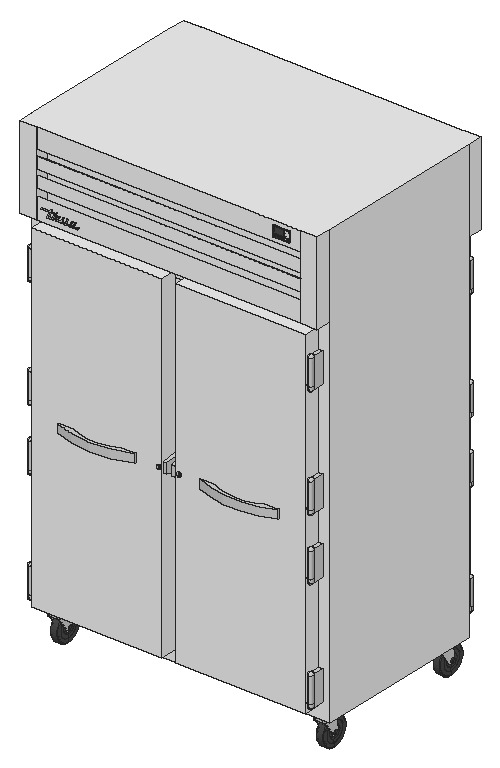
Revit family
Parameters
  Weight in Pounds = 0
  Watts = 3000 W
  Volts = 208 V
  URL Cutsheet = "www.truemfg.com"
  URL = "www.truemfg.com"
  Type Mark [instance] = ""
  Type Comments = ""
  Status [instance] = ""
  Specification by User [instance] = ""
  Specification by Manufacturer = ""
  Show Seismic Flanged [instance] = no
  Show Logo [instance] = yes
  Show Legs [instance] = no
  Show Clearance [instance] = yes
  Serial Number = ""
  Seismic Rating = ""
  Seismic Plate [instance] = and(Show Seismic Flanged, not(Show Casters))  # no
  SMACNA No = ""
  Revision Code [instance] = ""
  Phase = 1
  Omniclass Number and Title = ""
  Number of Poles [instance] = 1
  NAFEM Spec ID Number = ""
  Model = "STA2HPT-2S-2S"
  Min Ckt Ampacity = 0 A
  Max Overcurrent Protection = 0 A
  Masterspec = ""
  Manufacturer = "TRUE FOOD SERVICE EQUIPMENT, INC."
  Length = 52 5/8"
  Legs [instance] = or(Show Legs, Show Seismic Flanged)  # no
  Item Number [instance] = ""
  Installed By [instance] = ""
  Identify Quantity as Lot [instance] = yes
  Height = 77 3/4"
  HP = ""
  Furnished By [instance] = ""
  Foodservice Equipment Identifier [instance] = yes
  FL Amps = Watts / Volts  # 14.4231 A
  Electrical Remarks [instance] = ""
  Electric Connection Type [instance] = ""
  Elec Conn RI Height [instance] = 0"
  Elec Conn Connection Height [instance] = 0"
  Description = "Pass-thru Solid Front/Solid Rear Swing Doors Heated Cabinet"
  Depth = 36 1/8"
  Cycle = 60 Hz
  Conn Plug = "6-15P"
  Conn Conduit = yes
  Show Casters [instance] = and(not(if(Show Legs, Show Legs, Show Legs)), not(if(Show Legs, Show Legs, Show Seismic Flanged)))  # yes
  CSI MasterFormat = ""
  CSI Master Format = ""
  Assembly Code = ""
  Apparent Power = if(Phase = 3, Volts * FL Amps * 1.73, Volts * FL Amps)  # 3000 VA
Reference planes (in)
  plane 1 "BACK": y = 0
  plane 2: z = 0
  plane 3 "LEFT": x = 0
  plane 4 "RIGHT": x = 52.625
  plane 5 "FRONT": y = -36.125
  plane 6 "TOP": z = 84.125
  plane 7: z = 6.125
  plane 8: x = 26.3125
  plane 9: x = 3
  plane 10: x = 49.9375
  plane 11: y = -36.0792
  plane 12: x = 26.3125
  plane 13: y = -0.0458
  plane 14: y = -18.0625
Forms (in)
  Extrusion 1, solid, material "QF_Finishes_Chrome - Satin"
    sketch origin (0.05, 0, 0) x (1, 0, 0) y (0, 1, 0)
      loop
        line (-0.05, -2.75) -> (-0.05, -33.375) -> (2.35625, -33.375) -> (2.35625, -2.75) -> (-0.05, -2.75)
    from 6.125 to 84.125
  Extrusion 2, solid, material "QF_Finishes_Chrome - Satin"
    sketch origin (50.15, 0, 0) x (1, 0, 0) y (0, 1, 0)
      loop
        line (0.225, -2.75) -> (0.225, -33.375) -> (2.475, -33.375) -> (2.475, -2.75) -> (0.225, -2.75)
    from 6.125 to 84.125
  Extrusion 3, solid, material "QF_Finishes_Chrome - Satin"
    sketch origin (0, 0, 0) x (0, 1, 0) y (0, 0, 1)
      loop
        line (-36.0792, 69.5) -> (-33.375, 69.5) -> (-33.375, 66.96875) -> (-2.75, 66.96875) -> (-2.75, 69.5) -> (-0.0458, 69.5) -> (-0.0458, 73.19226) -> (-2.25, 71.625) -> (-2.25, 72.90057) -> (-0.0458, 74.46784) -> (-0.0458, 76.56404) -> (-2.25, 74.99678) -> (-2.25, 75.95754) -> (-0.0458, 77.5248) -> (-0.0458, 79.65851) -> (-2.25, 78.09125) -> (-2.25, 79.21352) -> (-0.0458, 80.78078) -> (-0.0458, 84.125) -> (-36.0792, 84.125) -> (-36.0792, 80.78078) -> (-33.875, 79.21352) -> (-33.875, 78.09125) -> (-36.0792, 79.65851) -> (-36.0792, 77.5248) -> (-33.875, 75.95754) -> (-33.875, 74.99678) -> (-36.0792, 76.56404) -> (-36.0792, 74.46784) -> (-33.875, 72.90057) -> (-33.875, 71.625) -> (-36.0792, 73.19226) -> (-36.0792, 69.5)
      loop
        line (-33.375, 6.125) -> (-2.75, 6.125) -> (-2.75, 9.03125) -> (-33.375, 9.03125) -> (-33.375, 6.125)
    from 2.25 to 50.375
  Extrusion 4, solid, material "QF_Finishes_Chrome - Satin"
    sketch origin (0, 0, 0) x (1, 0, 0) y (0, 1, 0)
      loop
        line (52.54687, -33.375) -> (49.66032, -33.375) -> (49.66032, -36.125) -> (52.54687, -36.125) -> (52.54687, -33.375)
      loop
        line (52.54687, -2.75) -> (52.54687, 0) -> (49.66032, 0) -> (49.66032, -2.75) -> (52.54687, -2.75)
    from 69.5 to 84.125
  Extrusion 5, solid, material "QF_Finishes_Chrome - Satin"
    sketch origin (-50.125, 0, 0.25) x (1, 0, 0) y (0, 1, 0)
      loop
        line (53.20984, -33.375) -> (50.20312, -33.375) -> (50.20312, -36.125) -> (53.20984, -36.125) -> (53.20984, -33.375)
      loop
        line (53.20984, -2.75) -> (53.20984, 0) -> (50.20312, 0) -> (50.20312, -2.75) -> (53.20984, -2.75)
    from 69.25 to 83.875
  Extrusion 6, solid, material "QF_Finishes_Handrails and Railings"
    sketch origin (1.875, -2.375, -2) x (1, 0, 0) y (0, 0, 1)
      loop
        circle (22.76563, 40.0625) r 0.35
      loop
        line (22.73047, 40.33635) -> (22.73047, 39.76895) -> (22.78597, 39.76895) -> (22.78597, 40.33635) -> (22.73047, 40.33635)
      loop
        circle (26.3125, 40.0625) r 0.35
      loop
        line (26.34765, 40.33635) -> (26.29215, 40.33635) -> (26.29215, 39.76895) -> (26.34765, 39.76895) -> (26.34765, 40.33635)
    from 33.5 to 33.83066
  Extrusion 7, solid, material "QF_Finishes_Handrails and Railings", visible <- "Show Logo"
    sketch origin (0.33478, -1.29327, -6.73143) x (1, 0, 0) y (0, 0, 1)
      loop
        line (3.61669, 78.46231) -> (3.51103, 78.23573) -> (4.91652, 78.23573)
        arc (4.91652, 78.23573) -> (4.94504, 78.18528) -> (4.91652, 78.13484) r 0.05887
        line (4.91652, 78.13484) -> (4.54994, 77.34872)
        arc (4.54994, 77.34872) -> (4.54676, 77.27591) -> (4.596, 77.22217) r 0.09523
        line (4.596, 77.22217) -> (5.49469, 77.22217)
        arc (5.49469, 77.22217) -> (5.60817, 77.25795) -> (5.68061, 77.35235) r 0.19785
        line (5.68061, 77.35235) -> (5.9691, 77.97101) -> (6.23415, 77.97101)
        arc (6.23415, 77.97101) -> (6.30369, 77.94543) -> (6.29362, 77.87203) r 0.05911
        line (6.29362, 77.87203) -> (6.05223, 77.35437)
        arc (6.05223, 77.35437) -> (6.05599, 77.2684) -> (6.12856, 77.22217) r 0.09318
        line (6.12856, 77.22217) -> (6.91823, 77.22217)
        arc (6.91823, 77.22217) -> (6.97874, 77.24419) -> (7.01093, 77.29995) r 0.09412
        arc (7.01093, 77.29995) -> (7.03371, 77.24495) -> (7.08871, 77.22217) r 0.07778
        line (7.08871, 77.22217) -> (7.58871, 77.22217)
        arc (7.58871, 77.22217) -> (7.64647, 77.23765) -> (7.68876, 77.27993) r 0.11552
        arc (7.68876, 77.27993) -> (7.709, 77.23106) -> (7.75787, 77.21081) r 0.06912
        line (7.75787, 77.21081) -> (8.4685, 77.21081)
        arc (8.4685, 77.21081) -> (8.52659, 77.23488) -> (8.55066, 77.29297) r 0.08216
        arc (8.55066, 77.29297) -> (8.60392, 77.23972) -> (8.67667, 77.22022) r 0.14551
        line (8.67667, 77.22022) -> (10.00783, 77.22022) -> (10.15571, 77.47634) -> (8.81303, 77.47634)
        arc (8.81303, 77.47634) -> (8.77597, 77.50204) -> (8.77459, 77.54711) r 0.05009
        line (8.77459, 77.54711) -> (8.79782, 77.59692)
        arc (8.79782, 77.59692) -> (8.83348, 77.64364) -> (8.88952, 77.66135) r 0.09747
        line (8.88952, 77.66135) -> (9.3211, 77.66135)
        arc (9.3211, 77.66135) -> (9.41425, 77.68631) -> (9.48244, 77.7545) r 0.1863
        line (9.48244, 77.7545) -> (9.60744, 77.97101)
        arc (9.60744, 77.97101) -> (9.60744, 78.08657) -> (9.50736, 78.14434) r 0.11556
        line (9.50736, 78.14434) -> (9.05187, 78.14434)
        arc (9.05187, 78.14434) -> (8.93575, 78.12462) -> (8.85474, 78.03912) r 0.18605
        line (8.85474, 78.03912) -> (8.63829, 77.57493)
        arc (8.63829, 77.57493) -> (8.5744, 77.49167) -> (8.47431, 77.46011) r 0.1745
        line (8.47431, 77.46011) -> (8.00184, 77.46011)
        arc (8.00184, 77.46011) -> (7.94528, 77.52184) -> (7.94893, 77.60548) r 0.10939
        line (7.94893, 77.60548) -> (8.2002, 78.14434) -> (8.04028, 78.14434) -> (7.77406, 77.57344)
        arc (7.77406, 77.57344) -> (7.72234, 77.50603) -> (7.6413, 77.48048) r 0.14128
        line (7.6413, 77.48048) -> (7.3155, 77.48048)
        arc (7.3155, 77.48048) -> (7.26044, 77.55223) -> (7.27225, 77.64189) r 0.11816
        line (7.27225, 77.64189) -> (7.50655, 78.14434) -> (7.34139, 78.14434) -> (7.07171, 77.566)
        arc (7.07171, 77.566) -> (7.0091, 77.50339) -> (6.92358, 77.48048) r 0.17104
        line (6.92358, 77.48048) -> (6.4518, 77.48048)
        arc (6.4518, 77.48048) -> (6.36707, 77.51999) -> (6.35892, 77.61313) r 0.0935
        line (6.35892, 77.61313) -> (6.51399, 77.94569) -> (6.7332, 77.94569)
        arc (6.7332, 77.94569) -> (6.7702, 78.05717) -> (6.84892, 78.14434) r 0.2857
        line (6.84892, 78.14434) -> (5.9923, 78.14434)
        arc (5.9923, 78.14434) -> (5.89711, 78.12324) -> (5.83123, 78.05135) r 0.16212
        line (5.83123, 78.05135) -> (5.59904, 77.55341)
        arc (5.59904, 77.55341) -> (5.54565, 77.50002) -> (5.47272, 77.48048) r 0.14586
        line (5.47272, 77.48048) -> (4.96131, 77.48048)
        arc (4.96131, 77.48048) -> (4.92139, 77.53442) -> (4.92899, 77.60109) r 0.09155
        line (4.92899, 77.60109) -> (5.26643, 78.23573) -> (6.1178, 78.23573) -> (6.22346, 78.46231) -> (5.37209, 78.46231) -> (5.47774, 78.68888) -> (5.17487, 78.68888) -> (5.06922, 78.46231) -> (3.61669, 78.46231)
      loop
        arc (8.9943, 77.93863) -> (8.95744, 77.92875) -> (8.93045, 77.90176) r 0.07373
        line (8.93045, 77.90176) -> (8.90854, 77.83436)
        arc (8.90854, 77.83436) -> (8.9187, 77.80983) -> (8.94324, 77.79966) r 0.0347
        line (8.94324, 77.79966) -> (9.31573, 77.79966)
        arc (9.31573, 77.79966) -> (9.34257, 77.80561) -> (9.36437, 77.82234) r 0.0635
        line (9.36437, 77.82234) -> (9.38249, 77.90622)
        arc (9.38249, 77.90622) -> (9.37716, 77.92868) -> (9.35634, 77.93863) r 0.02676
        line (9.35634, 77.93863) -> (8.9943, 77.93863)
    from 34.76797 to 34.83173
  Extrusion 8, solid
    sketch origin (0, 0, 0) x (1, 0, 0) y (0, 0, 1)
      loop
        circle (49.53125, 82) r 0.25
    from 0 to 0.0625
  Blend 9, solid, material "QF_Finishes_Handrails and Railings"
    base sketch origin (-0.14063, -2.375, 0) x (1, 0, 0) y (0, 0, 1)
      loop
        line (25.32813, 38.99169) -> (25.32813, 37.24169) -> (26.07813, 37.24169) -> (26.07813, 38.99169) -> (25.32813, 38.99169)
    top sketch origin (-0.14063, 0, 0) x (1, 0, 0) y (0, 0, 1)
      loop
        line (26.26036, 36.6441) -> (26.26036, 39.42643) -> (25.32813, 39.42643) -> (25.32813, 36.6441) -> (26.26036, 36.6441)
    from 33.57883 to 33.375
  Blend 10, solid, material "QF_Finishes_Handrails and Railings"
    base sketch origin (52.84375, -2.375, 0) x (-1, 0, 0) y (0, 0, -1)
      loop
        line (25.25, -38.99169) -> (26, -38.99169) -> (26, -37.24169) -> (25.25, -37.24169) -> (25.25, -38.99169)
    top sketch origin (52.84375, 0, 0) x (-1, 0, 0) y (0, 0, -1)
      loop
        line (26.18223, -36.6441) -> (25.25, -36.6441) -> (25.25, -39.42643) -> (26.18223, -39.42643) -> (26.18223, -36.6441)
    from 33.57883 to 33.375
  Extrusion 11, solid, material "QF_Finishes_Handrails and Railings"
    sketch origin (1.09375, 0, 0) x (0, 1, 0) y (0, 0, 1)
      loop
        line (-33.375, 64.55229) -> (-34.98544, 64.55229)
        arc (-34.98544, 64.55229) -> (-35.13006, 64.49238) -> (-35.18997, 64.34776) r 0.20453
        line (-35.18997, 64.34776) -> (-35.18997, 59.94848) -> (-35.625, 59.94848) -> (-35.625, 59.23627) -> (-33.375, 59.23627) -> (-33.375, 64.55229)
    from 0.17506 to 1
  Revolve 12, solid, material "QF_Finishes_Handrails and Railings"
    sketch origin (1.59375, 0, 0) x (0, 1, 0) y (0, 0, 1)
      loop
        line (-35.64063, 60.00189) -> (-35.64063, 64.81483)
        arc (-35.64063, 64.81483) -> (-35.91222, 64.72557) -> (-36.04729, 64.4736) r 0.3848
        line (-36.04729, 64.4736) -> (-36.04729, 60.00189) -> (-35.64063, 60.00189)
      loop
        line (-35.64063, 59.94848) -> (-36.04729, 59.94848) -> (-36.04729, 59.37712)
        arc (-36.04729, 59.37712) -> (-35.90764, 59.13383) -> (-35.64063, 59.04781) r 0.38884
        line (-35.64063, 59.04781) -> (-35.64063, 59.94848)
      axis (-35.64063, 59.04781) -> (-35.64063, 64.81483)
    angle from 0 to 360
  Extrusion 13, solid, material "QF_Finishes_Handrails and Railings"
    sketch origin (-0.21875, -2.375, 0) x (1, 0, 0) y (0, 0, 1)
      loop
        line (2.07116, 64.4736) -> (2.07116, 60.00079) -> (2.46875, 60.00079) -> (2.46875, 64.4736) -> (2.07116, 64.4736)
    from 32.81497 to 33.59495
  Extrusion 14, solid, material "QF_Finishes_Handrails and Railings"
    sketch origin (1.09375, 0, -19.5) x (0, 1, 0) y (0, 0, 1)
      loop
        line (-33.375, 64.55229) -> (-34.98544, 64.55229)
        arc (-34.98544, 64.55229) -> (-35.13006, 64.49238) -> (-35.18997, 64.34776) r 0.20453
        line (-35.18997, 64.34776) -> (-35.18997, 59.94848) -> (-35.625, 59.94848) -> (-35.625, 59.23627) -> (-33.375, 59.23627) -> (-33.375, 64.55229)
    from 0.17506 to 1
  Revolve 15, solid, material "QF_Finishes_Handrails and Railings"
    sketch origin (1.59375, 0, -19.5) x (0, 1, 0) y (0, 0, 1)
      loop
        line (-35.64063, 60.00189) -> (-35.64063, 64.81483)
        arc (-35.64063, 64.81483) -> (-35.91222, 64.72557) -> (-36.04729, 64.4736) r 0.3848
        line (-36.04729, 64.4736) -> (-36.04729, 60.00189) -> (-35.64063, 60.00189)
      loop
        line (-35.64063, 59.94848) -> (-36.04729, 59.94848) -> (-36.04729, 59.37712)
        arc (-36.04729, 59.37712) -> (-35.90764, 59.13383) -> (-35.64063, 59.04781) r 0.38884
        line (-35.64063, 59.04781) -> (-35.64063, 59.94848)
      axis (-35.64063, 59.04781) -> (-35.64063, 64.81483)
    angle from 0 to 360
  Extrusion 16, solid, material "QF_Finishes_Handrails and Railings"
    sketch origin (-0.21875, -2.375, -19.5) x (1, 0, 0) y (0, 0, 1)
      loop
        line (2.07116, 64.4736) -> (2.07116, 60.00079) -> (2.46875, 60.00079) -> (2.46875, 64.4736) -> (2.07116, 64.4736)
    from 32.81497 to 33.59495
  Extrusion 17, solid, material "QF_Finishes_Handrails and Railings"
    sketch origin (1.09375, 0, -30.5) x (0, 1, 0) y (0, 0, 1)
      loop
        line (-33.375, 64.55229) -> (-34.98544, 64.55229)
        arc (-34.98544, 64.55229) -> (-35.13006, 64.49238) -> (-35.18997, 64.34776) r 0.20453
        line (-35.18997, 64.34776) -> (-35.18997, 59.94848) -> (-35.625, 59.94848) -> (-35.625, 59.23627) -> (-33.375, 59.23627) -> (-33.375, 64.55229)
    from 0.17506 to 1
  Revolve 18, solid, material "QF_Finishes_Handrails and Railings"
    sketch origin (1.59375, 0, -30.5) x (0, 1, 0) y (0, 0, 1)
      loop
        line (-35.64063, 60.00189) -> (-35.64063, 64.81483)
        arc (-35.64063, 64.81483) -> (-35.91222, 64.72557) -> (-36.04729, 64.4736) r 0.3848
        line (-36.04729, 64.4736) -> (-36.04729, 60.00189) -> (-35.64063, 60.00189)
      loop
        line (-35.64063, 59.94848) -> (-36.04729, 59.94848) -> (-36.04729, 59.37712)
        arc (-36.04729, 59.37712) -> (-35.90764, 59.13383) -> (-35.64063, 59.04781) r 0.38884
        line (-35.64063, 59.04781) -> (-35.64063, 59.94848)
      axis (-35.64063, 59.04781) -> (-35.64063, 64.81483)
    angle from 0 to 360
  Extrusion 19, solid, material "QF_Finishes_Handrails and Railings"
    sketch origin (-0.21875, -2.375, -30.5) x (1, 0, 0) y (0, 0, 1)
      loop
        line (2.07116, 64.4736) -> (2.07116, 60.00079) -> (2.46875, 60.00079) -> (2.46875, 64.4736) -> (2.07116, 64.4736)
    from 32.81497 to 33.59495
  Extrusion 20, solid, material "QF_Finishes_Handrails and Railings"
    sketch origin (1.09375, 0, -50.25) x (0, 1, 0) y (0, 0, 1)
      loop
        line (-33.375, 64.55229) -> (-34.98544, 64.55229)
        arc (-34.98544, 64.55229) -> (-35.13006, 64.49238) -> (-35.18997, 64.34776) r 0.20453
        line (-35.18997, 64.34776) -> (-35.18997, 59.94848) -> (-35.625, 59.94848) -> (-35.625, 59.23627) -> (-33.375, 59.23627) -> (-33.375, 64.55229)
    from 0.17506 to 1
  Revolve 21, solid, material "QF_Finishes_Handrails and Railings"
    sketch origin (1.59375, 0, -50.25) x (0, 1, 0) y (0, 0, 1)
      loop
        line (-35.64063, 60.00189) -> (-35.64063, 64.81483)
        arc (-35.64063, 64.81483) -> (-35.91222, 64.72557) -> (-36.04729, 64.4736) r 0.3848
        line (-36.04729, 64.4736) -> (-36.04729, 60.00189) -> (-35.64063, 60.00189)
      loop
        line (-35.64063, 59.94848) -> (-36.04729, 59.94848) -> (-36.04729, 59.37712)
        arc (-36.04729, 59.37712) -> (-35.90764, 59.13383) -> (-35.64063, 59.04781) r 0.38884
        line (-35.64063, 59.04781) -> (-35.64063, 59.94848)
      axis (-35.64063, 59.04781) -> (-35.64063, 64.81483)
    angle from 0 to 360
  Extrusion 22, solid, material "QF_Finishes_Handrails and Railings"
    sketch origin (-0.21875, -2.375, -50.25) x (1, 0, 0) y (0, 0, 1)
      loop
        line (2.07116, 64.4736) -> (2.07116, 60.00079) -> (2.46875, 60.00079) -> (2.46875, 64.4736) -> (2.07116, 64.4736)
    from 32.81497 to 33.59495
  Extrusion 23, solid, material "QF_Finishes_Handrails and Railings"
    sketch origin (51.53125, 0, 0) x (0, 1, 0) y (0, 0, -1)
      loop
        line (-33.375, -64.55229) -> (-33.375, -59.23627) -> (-35.625, -59.23627) -> (-35.625, -59.94848) -> (-35.18997, -59.94848) -> (-35.18997, -64.34776)
        arc (-35.18997, -64.34776) -> (-35.13006, -64.49238) -> (-34.98544, -64.55229) r 0.20453
        line (-34.98544, -64.55229) -> (-33.375, -64.55229)
    from 0.17506 to 1
  Revolve 24, solid, material "QF_Finishes_Handrails and Railings"
    sketch origin (51.03125, 0, 0) x (0, 1, 0) y (0, 0, -1)
      loop
        line (-35.64063, -60.00189) -> (-36.04729, -60.00189) -> (-36.04729, -64.4736)
        arc (-36.04729, -64.4736) -> (-35.91222, -64.72557) -> (-35.64063, -64.81483) r 0.3848
        line (-35.64063, -64.81483) -> (-35.64063, -60.00189)
      loop
        line (-35.64063, -59.94848) -> (-35.64063, -59.04781)
        arc (-35.64063, -59.04781) -> (-35.90764, -59.13383) -> (-36.04729, -59.37712) r 0.38884
        line (-36.04729, -59.37712) -> (-36.04729, -59.94848) -> (-35.64063, -59.94848)
      axis (-35.64063, -59.04781) -> (-35.64063, -64.81483)
    angle from 0 to 360
  Extrusion 25, solid, material "QF_Finishes_Handrails and Railings"
    sketch origin (52.84375, -2.375, 0) x (-1, 0, 0) y (0, 0, -1)
      loop
        line (1.75866, -64.4736) -> (2.15625, -64.4736) -> (2.15625, -60.00079) -> (1.75866, -60.00079) -> (1.75866, -64.4736)
    from 32.81497 to 33.59495
  Extrusion 26, solid, material "QF_Finishes_Handrails and Railings"
    sketch origin (51.53125, 0, -19.5) x (0, 1, 0) y (0, 0, -1)
      loop
        line (-33.375, -64.55229) -> (-33.375, -59.23627) -> (-35.625, -59.23627) -> (-35.625, -59.94848) -> (-35.18997, -59.94848) -> (-35.18997, -64.34776)
        arc (-35.18997, -64.34776) -> (-35.13006, -64.49238) -> (-34.98544, -64.55229) r 0.20453
        line (-34.98544, -64.55229) -> (-33.375, -64.55229)
    from 0.17506 to 1
  Revolve 27, solid, material "QF_Finishes_Handrails and Railings"
    sketch origin (51.03125, 0, -19.5) x (0, 1, 0) y (0, 0, -1)
      loop
        line (-35.64063, -60.00189) -> (-36.04729, -60.00189) -> (-36.04729, -64.4736)
        arc (-36.04729, -64.4736) -> (-35.91222, -64.72557) -> (-35.64063, -64.81483) r 0.3848
        line (-35.64063, -64.81483) -> (-35.64063, -60.00189)
      loop
        line (-35.64063, -59.94848) -> (-35.64063, -59.04781)
        arc (-35.64063, -59.04781) -> (-35.90764, -59.13383) -> (-36.04729, -59.37712) r 0.38884
        line (-36.04729, -59.37712) -> (-36.04729, -59.94848) -> (-35.64063, -59.94848)
      axis (-35.64063, -59.04781) -> (-35.64063, -64.81483)
    angle from 0 to 360
  Extrusion 28, solid, material "QF_Finishes_Handrails and Railings"
    sketch origin (52.84375, -2.375, -19.5) x (-1, 0, 0) y (0, 0, -1)
      loop
        line (1.75866, -64.4736) -> (2.15625, -64.4736) -> (2.15625, -60.00079) -> (1.75866, -60.00079) -> (1.75866, -64.4736)
    from 32.81497 to 33.59495
  Extrusion 29, solid, material "QF_Finishes_Handrails and Railings"
    sketch origin (51.53125, 0, -30.5) x (0, 1, 0) y (0, 0, -1)
      loop
        line (-33.375, -64.55229) -> (-33.375, -59.23627) -> (-35.625, -59.23627) -> (-35.625, -59.94848) -> (-35.18997, -59.94848) -> (-35.18997, -64.34776)
        arc (-35.18997, -64.34776) -> (-35.13006, -64.49238) -> (-34.98544, -64.55229) r 0.20453
        line (-34.98544, -64.55229) -> (-33.375, -64.55229)
    from 0.17506 to 1
  Revolve 30, solid, material "QF_Finishes_Handrails and Railings"
    sketch origin (51.03125, 0, -30.5) x (0, 1, 0) y (0, 0, -1)
      loop
        line (-35.64063, -60.00189) -> (-36.04729, -60.00189) -> (-36.04729, -64.4736)
        arc (-36.04729, -64.4736) -> (-35.91222, -64.72557) -> (-35.64063, -64.81483) r 0.3848
        line (-35.64063, -64.81483) -> (-35.64063, -60.00189)
      loop
        line (-35.64063, -59.94848) -> (-35.64063, -59.04781)
        arc (-35.64063, -59.04781) -> (-35.90764, -59.13383) -> (-36.04729, -59.37712) r 0.38884
        line (-36.04729, -59.37712) -> (-36.04729, -59.94848) -> (-35.64063, -59.94848)
      axis (-35.64063, -59.04781) -> (-35.64063, -64.81483)
    angle from 0 to 360
  Extrusion 31, solid, material "QF_Finishes_Handrails and Railings"
    sketch origin (52.84375, -2.375, -30.5) x (-1, 0, 0) y (0, 0, -1)
      loop
        line (1.75866, -64.4736) -> (2.15625, -64.4736) -> (2.15625, -60.00079) -> (1.75866, -60.00079) -> (1.75866, -64.4736)
    from 32.81497 to 33.59495
  Extrusion 32, solid, material "QF_Finishes_Handrails and Railings"
    sketch origin (51.53125, 0, -50.25) x (0, 1, 0) y (0, 0, -1)
      loop
        line (-33.375, -64.55229) -> (-33.375, -59.23627) -> (-35.625, -59.23627) -> (-35.625, -59.94848) -> (-35.18997, -59.94848) -> (-35.18997, -64.34776)
        arc (-35.18997, -64.34776) -> (-35.13006, -64.49238) -> (-34.98544, -64.55229) r 0.20453
        line (-34.98544, -64.55229) -> (-33.375, -64.55229)
    from 0.17506 to 1
  Revolve 33, solid, material "QF_Finishes_Handrails and Railings"
    sketch origin (51.03125, 0, -50.25) x (0, 1, 0) y (0, 0, -1)
      loop
        line (-35.64063, -60.00189) -> (-36.04729, -60.00189) -> (-36.04729, -64.4736)
        arc (-36.04729, -64.4736) -> (-35.91222, -64.72557) -> (-35.64063, -64.81483) r 0.3848
        line (-35.64063, -64.81483) -> (-35.64063, -60.00189)
      loop
        line (-35.64063, -59.94848) -> (-35.64063, -59.04781)
        arc (-35.64063, -59.04781) -> (-35.90764, -59.13383) -> (-36.04729, -59.37712) r 0.38884
        line (-36.04729, -59.37712) -> (-36.04729, -59.94848) -> (-35.64063, -59.94848)
      axis (-35.64063, -59.04781) -> (-35.64063, -64.81483)
    angle from 0 to 360
  Extrusion 34, solid, material "QF_Finishes_Handrails and Railings"
    sketch origin (52.84375, -2.375, -50.25) x (-1, 0, 0) y (0, 0, -1)
      loop
        line (1.75866, -64.4736) -> (2.15625, -64.4736) -> (2.15625, -60.00079) -> (1.75866, -60.00079) -> (1.75866, -64.4736)
    from 32.81497 to 33.59495
  Revolve 35, solid, material "QF_Finishes_Black", visible <- "Show Casters"
    sketch origin (47.78125, -29.75, 0) x (1, 0, 0) y (0, 0, 1)
      loop
        line (1.63125, 5) -> (1.53125, 4.9) -> (1.53125, 4.29941) -> (1.69226, 4.29941) -> (1.69226, 3.54941) -> (1.53125, 3.54941) -> (1.53125, 2.79941) -> (1.13125, 2.79941) -> (1.13125, 2.5) -> (3.18125, 2.5) -> (3.18125, 2.79941) -> (2.78533, 2.79941) -> (2.78533, 3.54941) -> (2.62024, 3.54941) -> (2.62024, 4.29941) -> (2.78533, 4.29941) -> (2.78533, 4.89592) -> (2.68125, 5) -> (1.63125, 5)
      axis (3.18125, 2.5) -> (1.13125, 2.5)
    angle from 0 to 360
  Extrusion 36, solid, material "QF_Finishes_Handrails and Railings", visible <- "Show Casters"
    sketch origin (47.78125, 0, 0) x (0, 1, 0) y (0, 0, 1)
      loop
        line (-32.32636, 5.48574) -> (-32.32636, 4.88089) -> (-32.07636, 4.88089) -> (-30.32716, 2.18736)
        arc (-30.32716, 2.18736) -> (-29.61383, 1.94868) -> (-29.22081, 2.59003) r 0.60416
        line (-29.22081, 2.59003) -> (-29.57636, 5.48574) -> (-32.32636, 5.48574)
      loop
        line (-6.6077, 5.48574) -> (-6.6077, 4.88089) -> (-6.3577, 4.88089) -> (-4.6085, 2.18736)
        arc (-4.6085, 2.18736) -> (-3.89517, 1.94868) -> (-3.50215, 2.59003) r 0.60416
        line (-3.50215, 2.59003) -> (-3.8577, 5.48574) -> (-6.6077, 5.48574)
    from 1.175 to 1.325
  Extrusion 37, solid, material "QF_Finishes_Handrails and Railings", visible <- "Show Casters"
    sketch origin (49.28125, 0, 0) x (0, 1, 0) y (0, 0, 1)
      loop
        line (-32.32636, 5.48574) -> (-32.32636, 4.88089) -> (-32.07636, 4.88089) -> (-30.32716, 2.18736)
        arc (-30.32716, 2.18736) -> (-29.61383, 1.94868) -> (-29.22081, 2.59003) r 0.60416
        line (-29.22081, 2.59003) -> (-29.57636, 5.48574) -> (-32.32636, 5.48574)
      loop
        line (-6.6077, 5.48574) -> (-6.6077, 4.88089) -> (-6.3577, 4.88089) -> (-4.6085, 2.18736)
        arc (-4.6085, 2.18736) -> (-3.89517, 1.94868) -> (-3.50215, 2.59003) r 0.60416
        line (-3.50215, 2.59003) -> (-3.8577, 5.48574) -> (-6.6077, 5.48574)
    from 1.175 to 1.325
  Revolve 38, solid, material "QF_Finishes_Chrome - Satin", visible <- "Show Casters"
    sketch origin (47.78125, -30.9375, -0.5) x (1, 0, 0) y (0, 0, 1)
      loop
        line (2.15625, 5.99546) -> (2.15625, 6.62359) -> (0.85918, 6.62359) -> (0.85918, 5.99546) -> (2.15625, 5.99546)
      axis (2.15625, 5.99546) -> (2.15625, 6.62359)
    angle from 0 to 360
  Revolve 39, solid, material "QF_Finishes_Chrome - Satin", visible <- "Legs"
    sketch origin (47.78125, -5.44102, 0) x (1, 0, 0) y (0, 0, 1)
      loop
        line (2.15625, 6.125) -> (0.82287, 6.125) -> (1.40625, 1) -> (1.65625, 1) -> (1.65625, 0) -> (2.15625, 0) -> (2.15625, 6.125)
      axis (2.15625, 0) -> (2.15625, 6.125)
    angle from 0 to 360
  Revolve 40, solid, material "QF_Finishes_Chrome - Satin", visible <- "Legs"
    sketch origin (47.78125, -31.03477, 0) x (1, 0, 0) y (0, 0, 1)
      loop
        line (2.15625, 6.125) -> (0.82287, 6.125) -> (1.40625, 1) -> (1.65625, 1) -> (1.65625, 0) -> (2.15625, 0) -> (2.15625, 6.125)
      axis (2.15625, 0) -> (2.15625, 6.125)
    angle from 0 to 360
  Revolve 41, solid, material "QF_Finishes_Chrome - Satin", visible <- "Show Casters"
    sketch origin (47.78125, -5.45321, -0.5) x (1, 0, 0) y (0, 0, 1)
      loop
        line (2.15625, 5.99546) -> (2.15625, 6.62359) -> (0.85918, 6.62359) -> (0.85918, 5.99546) -> (2.15625, 5.99546)
      axis (2.15625, 5.99546) -> (2.15625, 6.62359)
    angle from 0 to 360
  Extrusion 42, solid, material "QF_Finishes_Handrails and Railings", visible <- "Show Casters"
    sketch origin (0, 0, 0) x (0, 1, 0) y (0, 0, 1)
      loop
        line (-32.32636, 5.48574) -> (-32.32636, 4.88089) -> (-32.07636, 4.88089) -> (-29.54033, 5.19227) -> (-29.57636, 5.48574) -> (-32.32636, 5.48574)
      loop
        line (-6.6077, 5.48574) -> (-6.6077, 4.88089) -> (-6.3577, 4.88089) -> (-3.82167, 5.19227) -> (-3.8577, 5.48574) -> (-6.6077, 5.48574)
    from 49.10625 to 50.45625
  Revolve 43, solid, material "QF_Finishes_Black", visible <- "Show Casters"
    sketch origin (47.78125, -3.96875, 0) x (1, 0, 0) y (0, 0, 1)
      loop
        line (1.63125, 5) -> (1.53125, 4.9) -> (1.53125, 4.29941) -> (1.69226, 4.29941) -> (1.69226, 3.54941) -> (1.53125, 3.54941) -> (1.53125, 2.79941) -> (1.13125, 2.79941) -> (1.13125, 2.5) -> (3.18125, 2.5) -> (3.18125, 2.79941) -> (2.78533, 2.79941) -> (2.78533, 3.54941) -> (2.62024, 3.54941) -> (2.62024, 4.29941) -> (2.78533, 4.29941) -> (2.78533, 4.89592) -> (2.68125, 5) -> (1.63125, 5)
      axis (3.18125, 2.5) -> (1.13125, 2.5)
    angle from 0 to 360
  Revolve 44, solid, material "QF_Finishes_Black", visible <- "Show Casters"
    sketch origin (0.84375, -29.75, 0) x (1, 0, 0) y (0, 0, 1)
      loop
        line (1.63125, 5) -> (1.53125, 4.9) -> (1.53125, 4.29941) -> (1.69226, 4.29941) -> (1.69226, 3.54941) -> (1.53125, 3.54941) -> (1.53125, 2.79941) -> (0.975, 2.79941) -> (0.975, 2.5) -> (3.18125, 2.5) -> (3.18125, 2.79941) -> (2.78533, 2.79941) -> (2.78533, 3.54941) -> (2.62024, 3.54941) -> (2.62024, 4.29941) -> (2.78533, 4.29941) -> (2.78533, 4.89592) -> (2.68125, 5) -> (1.63125, 5)
      axis (3.18125, 2.5) -> (0.975, 2.5)
    angle from 0 to 360
  Extrusion 45, solid, material "QF_Finishes_Handrails and Railings", visible <- "Show Casters"
    sketch origin (0.84375, 0, 0) x (0, 1, 0) y (0, 0, 1)
      loop
        line (-32.32636, 5.48574) -> (-32.32636, 4.88089) -> (-32.07636, 4.88089) -> (-30.32716, 2.18736)
        arc (-30.32716, 2.18736) -> (-29.61383, 1.94868) -> (-29.22081, 2.59003) r 0.60416
        line (-29.22081, 2.59003) -> (-29.57636, 5.48574) -> (-32.32636, 5.48574)
      loop
        line (-6.6077, 5.48574) -> (-6.6077, 4.88089) -> (-6.3577, 4.88089) -> (-4.6085, 2.18736)
        arc (-4.6085, 2.18736) -> (-3.89517, 1.94868) -> (-3.50215, 2.59003) r 0.60416
        line (-3.50215, 2.59003) -> (-3.8577, 5.48574) -> (-6.6077, 5.48574)
    from 1.175 to 1.325
  Extrusion 46, solid, material "QF_Finishes_Handrails and Railings", visible <- "Show Casters"
    sketch origin (2.34375, 0, 0) x (0, 1, 0) y (0, 0, 1)
      loop
        line (-32.32636, 5.48574) -> (-32.32636, 4.88089) -> (-32.07636, 4.88089) -> (-30.32716, 2.18736)
        arc (-30.32716, 2.18736) -> (-29.61383, 1.94868) -> (-29.22081, 2.59003) r 0.60416
        line (-29.22081, 2.59003) -> (-29.57636, 5.48574) -> (-32.32636, 5.48574)
      loop
        line (-6.6077, 5.48574) -> (-6.6077, 4.88089) -> (-6.3577, 4.88089) -> (-4.6085, 2.18736)
        arc (-4.6085, 2.18736) -> (-3.89517, 1.94868) -> (-3.50215, 2.59003) r 0.60416
        line (-3.50215, 2.59003) -> (-3.8577, 5.48574) -> (-6.6077, 5.48574)
    from 1.175 to 1.325
  Revolve 47, solid, material "QF_Finishes_Chrome - Satin", visible <- "Show Casters"
    sketch origin (0.84375, -30.9375, -0.5) x (1, 0, 0) y (0, 0, 1)
      loop
        line (2.15625, 5.99546) -> (2.15625, 6.62359) -> (0.85918, 6.62359) -> (0.85918, 5.99546) -> (2.15625, 5.99546)
      axis (2.15625, 5.99546) -> (2.15625, 6.62359)
    angle from 0 to 360
  Revolve 48, solid, material "QF_Finishes_Chrome - Satin", visible <- "Legs"
    sketch origin (0.84375, -5.44102, 0) x (1, 0, 0) y (0, 0, 1)
      loop
        line (2.15625, 6.125) -> (0.82287, 6.125) -> (1.40625, 1) -> (1.65625, 1) -> (1.65625, 0) -> (2.15625, 0) -> (2.15625, 6.125)
      axis (2.15625, 0) -> (2.15625, 6.125)
    angle from 0 to 360
  Revolve 49, solid, material "QF_Finishes_Chrome - Satin", visible <- "Legs"
    sketch origin (0.84375, -31.03477, 0) x (1, 0, 0) y (0, 0, 1)
      loop
        line (2.15625, 6.125) -> (0.82287, 6.125) -> (1.40625, 1) -> (1.65625, 1) -> (1.65625, 0) -> (2.15625, 0) -> (2.15625, 6.125)
      axis (2.15625, 0) -> (2.15625, 6.125)
    angle from 0 to 360
  Revolve 50, solid, material "QF_Finishes_Chrome - Satin", visible <- "Show Casters"
    sketch origin (0.84375, -5.45321, -0.5) x (1, 0, 0) y (0, 0, 1)
      loop
        line (2.15625, 5.99546) -> (2.15625, 6.62359) -> (0.85918, 6.62359) -> (0.85918, 5.99546) -> (2.15625, 5.99546)
      axis (2.15625, 5.99546) -> (2.15625, 6.62359)
    angle from 0 to 360
  Extrusion 51, solid, material "QF_Finishes_Handrails and Railings", visible <- "Show Casters"
    sketch origin (-46.9375, 0, 0) x (0, 1, 0) y (0, 0, 1)
      loop
        line (-32.32636, 5.48574) -> (-32.32636, 4.88089) -> (-32.07636, 4.88089) -> (-29.54033, 5.19227) -> (-29.57636, 5.48574) -> (-32.32636, 5.48574)
      loop
        line (-6.6077, 5.48574) -> (-6.6077, 4.88089) -> (-6.3577, 4.88089) -> (-3.82167, 5.19227) -> (-3.8577, 5.48574) -> (-6.6077, 5.48574)
    from 49.10625 to 50.45625
  Revolve 52, solid, material "QF_Finishes_Black", visible <- "Show Casters"
    sketch origin (0.84375, -3.96875, 0) x (1, 0, 0) y (0, 0, 1)
      loop
        line (1.63125, 5) -> (1.53125, 4.9) -> (1.53125, 4.29941) -> (1.69226, 4.29941) -> (1.69226, 3.54941) -> (1.53125, 3.54941) -> (1.53125, 2.79941) -> (0.975, 2.79941) -> (0.975, 2.5) -> (3.18125, 2.5) -> (3.18125, 2.79941) -> (2.78533, 2.79941) -> (2.78533, 3.54941) -> (2.62024, 3.54941) -> (2.62024, 4.29941) -> (2.78533, 4.29941) -> (2.78533, 4.89592) -> (2.68125, 5) -> (1.63125, 5)
      axis (3.18125, 2.5) -> (0.975, 2.5)
    angle from 0 to 360
  Extrusion 53, solid, material "QF_Finishes_White"
    sketch origin (1.49925, -1.31123, 1.58022) x (1, 0, 0) y (0, 0, 1)
      loop
        line (43.31732, 81.73227) -> (43.31732, 79.98496) -> (46.22357, 79.98496) -> (46.22357, 81.73227) -> (43.31732, 81.73227)
    from 34.75 to 34.76797
  Extrusion 54, solid, material "QF_Finishes_Black"
    sketch origin (1.49925, -1.31123, 1.58022) x (1, 0, 0) y (0, 0, 1)
      loop
        line (46.28607, 81.79477) -> (43.25482, 81.79477) -> (43.25482, 79.92246) -> (46.28607, 79.92246) -> (46.28607, 81.79477)
      loop
        spline (43.45482, 80.25372) -> (43.46333, 80.23754) -> (43.48831, 80.22247) -> (43.52804, 80.20952) -> (43.57982, 80.19959) -> (43.64011, 80.19335) -> (43.70482, 80.19122) -> (43.76952, 80.19335) -> (43.82982, 80.19959) -> (43.88159, 80.20952) -> (43.92132, 80.22247) -> (43.9463, 80.23754) -> (43.95482, 80.25372)
        spline (43.95482, 80.25372) -> (43.9463, 80.26989) -> (43.92132, 80.28497) -> (43.88159, 80.29791) -> (43.82982, 80.30784) -> (43.76952, 80.31409) -> (43.70482, 80.31622) -> (43.64011, 80.31409) -> (43.57982, 80.30784) -> (43.52804, 80.29791) -> (43.48831, 80.28497) -> (43.46333, 80.26989) -> (43.45482, 80.25372)
      loop
        spline (44.15083, 80.25372) -> (44.15935, 80.23754) -> (44.18432, 80.22247) -> (44.22405, 80.20952) -> (44.27583, 80.19959) -> (44.33612, 80.19335) -> (44.40083, 80.19122) -> (44.46553, 80.19335) -> (44.52583, 80.19959) -> (44.57761, 80.20952) -> (44.61734, 80.22247) -> (44.64231, 80.23754) -> (44.65083, 80.25372)
        spline (44.65083, 80.25372) -> (44.64231, 80.26989) -> (44.61734, 80.28497) -> (44.57761, 80.29791) -> (44.52583, 80.30784) -> (44.46553, 80.31409) -> (44.40083, 80.31622) -> (44.33612, 80.31409) -> (44.27583, 80.30784) -> (44.22405, 80.29791) -> (44.18432, 80.28497) -> (44.15935, 80.26989) -> (44.15083, 80.25372)
      loop
        spline (44.90083, 80.25372) -> (44.90935, 80.23754) -> (44.93432, 80.22247) -> (44.97405, 80.20952) -> (45.02583, 80.19959) -> (45.08612, 80.19335) -> (45.15083, 80.19122) -> (45.21553, 80.19335) -> (45.27583, 80.19959) -> (45.32761, 80.20952) -> (45.36734, 80.22247) -> (45.39231, 80.23754) -> (45.40083, 80.25372)
        spline (45.40083, 80.25372) -> (45.39231, 80.26989) -> (45.36734, 80.28497) -> (45.32761, 80.29791) -> (45.27583, 80.30784) -> (45.21553, 80.31409) -> (45.15083, 80.31622) -> (45.08612, 80.31409) -> (45.02583, 80.30784) -> (44.97405, 80.29791) -> (44.93432, 80.28497) -> (44.90935, 80.26989) -> (44.90083, 80.25372)
      loop
        line (43.45481, 81.59478) -> (43.45481, 80.59478) -> (45.15433, 80.59478) -> (45.15433, 81.59478) -> (43.45481, 81.59478)
      loop
        line (46.22357, 81.73227) -> (43.31732, 81.73227) -> (43.31732, 79.98496) -> (46.22357, 79.98496) -> (46.22357, 81.73227)
      loop
        spline (45.65083, 80.25372) -> (45.65935, 80.23754) -> (45.68432, 80.22247) -> (45.72405, 80.20952) -> (45.77583, 80.19959) -> (45.83612, 80.19335) -> (45.90083, 80.19122) -> (45.96553, 80.19335) -> (46.02583, 80.19959) -> (46.07761, 80.20952) -> (46.11734, 80.22247) -> (46.14231, 80.23754) -> (46.15083, 80.25372)
        spline (46.15083, 80.25372) -> (46.14231, 80.26989) -> (46.11734, 80.28497) -> (46.07761, 80.29791) -> (46.02583, 80.30784) -> (45.96553, 80.31409) -> (45.90083, 80.31622) -> (45.83612, 80.31409) -> (45.77583, 80.30784) -> (45.72405, 80.29791) -> (45.68432, 80.28497) -> (45.65935, 80.26989) -> (45.65083, 80.25372)
    from 34.76797 to 34.80335
  Extrusion 55, solid, material "QF_Finishes_Door Clearance", visible <- "Show Clearance", detail levels coarse
    sketch origin (0.66534, -3.6098, 0) x (-1, 0, 0) y (0, -1, 0)
      loop
        line (-49.86591, 32.5152) -> (-26.92841, 32.5152)
        arc (-26.92841, 32.5152) -> (-33.64665, 48.73446) -> (-49.86591, 55.4527) r 22.9375
        line (-49.86591, 55.4527) -> (-49.86591, 32.5152)
      loop
        line (-24.52216, 32.5152) -> (-1.58466, 32.5152) -> (-1.58466, 55.4527)
        arc (-1.58466, 55.4527) -> (-17.80392, 48.73446) -> (-24.52216, 32.5152) r 22.9375
    from 8.0288 to 67.96875
  Extrusion 56, solid, material "QF_Finishes_Chrome - Satin", visible <- "Seismic Plate"
    sketch origin (-0.22541, -26.96562, 0) x (1, 0, 0) y (0, 1, 0)
      loop
        circle (3.22541, -4.06916) r 1.5
    from 0 to 0.25
  Extrusion 57, solid, material "QF_Finishes_Chrome - Satin", visible <- "Seismic Plate"
    sketch origin (-0.22541, -3.74687, 0) x (1, 0, 0) y (0, 1, 0)
      loop
        circle (3.22541, -1.69416) r 1.5
    from 0 to 0.25
  Extrusion 58, solid, material "QF_Finishes_Chrome - Satin", visible <- "Seismic Plate"
    sketch origin (46.71209, -3.74687, 0) x (1, 0, 0) y (0, 1, 0)
      loop
        circle (3.22541, -1.69416) r 1.5
    from 0 to 0.25
  Extrusion 59, solid, material "QF_Finishes_Chrome - Satin", visible <- "Seismic Plate"
    sketch origin (46.71209, -26.96562, 0) x (1, 0, 0) y (0, 1, 0)
      loop
        circle (3.22541, -4.06916) r 1.5
    from 0 to 0.25
  Extrusion 60, solid, material "QF_Finishes_Chrome - Satin"
    sketch origin (0, -33.75, -0.71875) x (1, 0, 0) y (0, 0, -1)
      loop
        line (2.25, -68.6875) -> (25.1875, -68.6875) -> (25.1875, -8.75) -> (2.25, -8.75) -> (2.25, -68.6875)
      loop
        line (50.53125, -68.6875) -> (50.53125, -8.75) -> (27.59375, -8.75) -> (27.59375, -68.6875) -> (50.53125, -68.6875)
    from 31 to 33.75
  Extrusion 61, solid, material "QF_Finishes_Handrails and Railings"
    sketch origin (1.875, -33.75, -2) x (1, 0, 0) y (0, 0, -1)
      loop
        circle (22.76563, -40.0625) r 0.35
      loop
        line (22.73047, -40.33635) -> (22.78597, -40.33635) -> (22.78597, -39.76895) -> (22.73047, -39.76895) -> (22.73047, -40.33635)
      loop
        circle (26.3125, -40.0625) r 0.35
      loop
        line (26.34765, -40.33635) -> (26.34765, -39.76895) -> (26.29215, -39.76895) -> (26.29215, -40.33635) -> (26.34765, -40.33635)
    from 33.5 to 33.83066
  Blend 62, solid, material "QF_Finishes_Handrails and Railings"
    base sketch origin (-0.14063, -33.75, 0) x (1, 0, 0) y (0, 0, -1)
      loop
        line (25.32813, -38.99169) -> (26.07813, -38.99169) -> (26.07813, -37.24169) -> (25.32813, -37.24169) -> (25.32813, -38.99169)
    top sketch origin (-0.14063, -36.125, 0) x (1, 0, 0) y (0, 0, -1)
      loop
        line (26.26036, -36.6441) -> (25.32813, -36.6441) -> (25.32813, -39.42643) -> (26.26036, -39.42643) -> (26.26036, -36.6441)
    from 33.57883 to 33.375
  Blend 63, solid, material "QF_Finishes_Handrails and Railings"
    base sketch origin (52.84375, -33.75, 0) x (-1, 0, 0) y (0, 0, 1)
      loop
        line (25.25, 38.99169) -> (25.25, 37.24169) -> (26, 37.24169) -> (26, 38.99169) -> (25.25, 38.99169)
    top sketch origin (52.84375, -36.125, 0) x (-1, 0, 0) y (0, 0, 1)
      loop
        line (26.18223, 36.6441) -> (26.18223, 39.42643) -> (25.25, 39.42643) -> (25.25, 36.6441) -> (26.18223, 36.6441)
    from 33.57883 to 33.375
  Extrusion 64, solid, material "QF_Finishes_Handrails and Railings"
    sketch origin (1.09375, -36.125, 0) x (0, -1, 0) y (0, 0, -1)
      loop
        line (-33.375, -64.55229) -> (-33.375, -59.23627) -> (-35.625, -59.23627) -> (-35.625, -59.94848) -> (-35.18997, -59.94848) -> (-35.18997, -64.34776)
        arc (-35.18997, -64.34776) -> (-35.13006, -64.49238) -> (-34.98544, -64.55229) r 0.20453
        line (-34.98544, -64.55229) -> (-33.375, -64.55229)
    from 0.17506 to 1
  Revolve 65, solid, material "QF_Finishes_Handrails and Railings"
    sketch origin (1.59375, -36.125, 0) x (0, -1, 0) y (0, 0, -1)
      loop
        line (-35.64063, -60.00189) -> (-36.04729, -60.00189) -> (-36.04729, -64.4736)
        arc (-36.04729, -64.4736) -> (-35.91222, -64.72557) -> (-35.64063, -64.81483) r 0.3848
        line (-35.64063, -64.81483) -> (-35.64063, -60.00189)
      loop
        line (-35.64063, -59.94848) -> (-35.64063, -59.04781)
        arc (-35.64063, -59.04781) -> (-35.90764, -59.13383) -> (-36.04729, -59.37712) r 0.38884
        line (-36.04729, -59.37712) -> (-36.04729, -59.94848) -> (-35.64063, -59.94848)
      axis (-35.64063, -59.04781) -> (-35.64063, -64.81483)
    angle from 0 to 360
  Extrusion 66, solid, material "QF_Finishes_Handrails and Railings"
    sketch origin (-0.21875, -33.75, 0) x (1, 0, 0) y (0, 0, -1)
      loop
        line (2.07116, -64.4736) -> (2.46875, -64.4736) -> (2.46875, -60.00079) -> (2.07116, -60.00079) -> (2.07116, -64.4736)
    from 32.81497 to 33.59495
  Extrusion 67, solid, material "QF_Finishes_Handrails and Railings"
    sketch origin (1.09375, -36.125, -19.5) x (0, -1, 0) y (0, 0, -1)
      loop
        line (-33.375, -64.55229) -> (-33.375, -59.23627) -> (-35.625, -59.23627) -> (-35.625, -59.94848) -> (-35.18997, -59.94848) -> (-35.18997, -64.34776)
        arc (-35.18997, -64.34776) -> (-35.13006, -64.49238) -> (-34.98544, -64.55229) r 0.20453
        line (-34.98544, -64.55229) -> (-33.375, -64.55229)
    from 0.17506 to 1
  Revolve 68, solid, material "QF_Finishes_Handrails and Railings"
    sketch origin (1.59375, -36.125, -19.5) x (0, -1, 0) y (0, 0, -1)
      loop
        line (-35.64063, -60.00189) -> (-36.04729, -60.00189) -> (-36.04729, -64.4736)
        arc (-36.04729, -64.4736) -> (-35.91222, -64.72557) -> (-35.64063, -64.81483) r 0.3848
        line (-35.64063, -64.81483) -> (-35.64063, -60.00189)
      loop
        line (-35.64063, -59.94848) -> (-35.64063, -59.04781)
        arc (-35.64063, -59.04781) -> (-35.90764, -59.13383) -> (-36.04729, -59.37712) r 0.38884
        line (-36.04729, -59.37712) -> (-36.04729, -59.94848) -> (-35.64063, -59.94848)
      axis (-35.64063, -59.04781) -> (-35.64063, -64.81483)
    angle from 0 to 360
  Extrusion 69, solid, material "QF_Finishes_Handrails and Railings"
    sketch origin (-0.21875, -33.75, -19.5) x (1, 0, 0) y (0, 0, -1)
      loop
        line (2.07116, -64.4736) -> (2.46875, -64.4736) -> (2.46875, -60.00079) -> (2.07116, -60.00079) -> (2.07116, -64.4736)
    from 32.81497 to 33.59495
  Extrusion 70, solid, material "QF_Finishes_Handrails and Railings"
    sketch origin (1.09375, -36.125, -30.5) x (0, -1, 0) y (0, 0, -1)
      loop
        line (-33.375, -64.55229) -> (-33.375, -59.23627) -> (-35.625, -59.23627) -> (-35.625, -59.94848) -> (-35.18997, -59.94848) -> (-35.18997, -64.34776)
        arc (-35.18997, -64.34776) -> (-35.13006, -64.49238) -> (-34.98544, -64.55229) r 0.20453
        line (-34.98544, -64.55229) -> (-33.375, -64.55229)
    from 0.17506 to 1
  Revolve 71, solid, material "QF_Finishes_Handrails and Railings"
    sketch origin (1.59375, -36.125, -30.5) x (0, -1, 0) y (0, 0, -1)
      loop
        line (-35.64063, -60.00189) -> (-36.04729, -60.00189) -> (-36.04729, -64.4736)
        arc (-36.04729, -64.4736) -> (-35.91222, -64.72557) -> (-35.64063, -64.81483) r 0.3848
        line (-35.64063, -64.81483) -> (-35.64063, -60.00189)
      loop
        line (-35.64063, -59.94848) -> (-35.64063, -59.04781)
        arc (-35.64063, -59.04781) -> (-35.90764, -59.13383) -> (-36.04729, -59.37712) r 0.38884
        line (-36.04729, -59.37712) -> (-36.04729, -59.94848) -> (-35.64063, -59.94848)
      axis (-35.64063, -59.04781) -> (-35.64063, -64.81483)
    angle from 0 to 360
  Extrusion 72, solid, material "QF_Finishes_Handrails and Railings"
    sketch origin (-0.21875, -33.75, -30.5) x (1, 0, 0) y (0, 0, -1)
      loop
        line (2.07116, -64.4736) -> (2.46875, -64.4736) -> (2.46875, -60.00079) -> (2.07116, -60.00079) -> (2.07116, -64.4736)
    from 32.81497 to 33.59495
  Extrusion 73, solid, material "QF_Finishes_Handrails and Railings"
    sketch origin (1.09375, -36.125, -50.25) x (0, -1, 0) y (0, 0, -1)
      loop
        line (-33.375, -64.55229) -> (-33.375, -59.23627) -> (-35.625, -59.23627) -> (-35.625, -59.94848) -> (-35.18997, -59.94848) -> (-35.18997, -64.34776)
        arc (-35.18997, -64.34776) -> (-35.13006, -64.49238) -> (-34.98544, -64.55229) r 0.20453
        line (-34.98544, -64.55229) -> (-33.375, -64.55229)
    from 0.17506 to 1
  Revolve 74, solid, material "QF_Finishes_Handrails and Railings"
    sketch origin (1.59375, -36.125, -50.25) x (0, -1, 0) y (0, 0, -1)
      loop
        line (-35.64063, -60.00189) -> (-36.04729, -60.00189) -> (-36.04729, -64.4736)
        arc (-36.04729, -64.4736) -> (-35.91222, -64.72557) -> (-35.64063, -64.81483) r 0.3848
        line (-35.64063, -64.81483) -> (-35.64063, -60.00189)
      loop
        line (-35.64063, -59.94848) -> (-35.64063, -59.04781)
        arc (-35.64063, -59.04781) -> (-35.90764, -59.13383) -> (-36.04729, -59.37712) r 0.38884
        line (-36.04729, -59.37712) -> (-36.04729, -59.94848) -> (-35.64063, -59.94848)
      axis (-35.64063, -59.04781) -> (-35.64063, -64.81483)
    angle from 0 to 360
  Extrusion 75, solid, material "QF_Finishes_Handrails and Railings"
    sketch origin (-0.21875, -33.75, -50.25) x (1, 0, 0) y (0, 0, -1)
      loop
        line (2.07116, -64.4736) -> (2.46875, -64.4736) -> (2.46875, -60.00079) -> (2.07116, -60.00079) -> (2.07116, -64.4736)
    from 32.81497 to 33.59495
  Extrusion 76, solid, material "QF_Finishes_Handrails and Railings"
    sketch origin (51.53125, -36.125, 0) x (0, -1, 0) y (0, 0, 1)
      loop
        line (-33.375, 64.55229) -> (-34.98544, 64.55229)
        arc (-34.98544, 64.55229) -> (-35.13006, 64.49238) -> (-35.18997, 64.34776) r 0.20453
        line (-35.18997, 64.34776) -> (-35.18997, 59.94848) -> (-35.625, 59.94848) -> (-35.625, 59.23627) -> (-33.375, 59.23627) -> (-33.375, 64.55229)
    from 0.17506 to 1
  Revolve 77, solid, material "QF_Finishes_Handrails and Railings"
    sketch origin (51.03125, -36.125, 0) x (0, -1, 0) y (0, 0, 1)
      loop
        line (-35.64063, 60.00189) -> (-35.64063, 64.81483)
        arc (-35.64063, 64.81483) -> (-35.91222, 64.72557) -> (-36.04729, 64.4736) r 0.3848
        line (-36.04729, 64.4736) -> (-36.04729, 60.00189) -> (-35.64063, 60.00189)
      loop
        line (-35.64063, 59.94848) -> (-36.04729, 59.94848) -> (-36.04729, 59.37712)
        arc (-36.04729, 59.37712) -> (-35.90764, 59.13383) -> (-35.64063, 59.04781) r 0.38884
        line (-35.64063, 59.04781) -> (-35.64063, 59.94848)
      axis (-35.64063, 59.04781) -> (-35.64063, 64.81483)
    angle from 0 to 360
  Extrusion 78, solid, material "QF_Finishes_Handrails and Railings"
    sketch origin (52.84375, -33.75, 0) x (-1, 0, 0) y (0, 0, 1)
      loop
        line (1.75866, 64.4736) -> (1.75866, 60.00079) -> (2.15625, 60.00079) -> (2.15625, 64.4736) -> (1.75866, 64.4736)
    from 32.81497 to 33.59495
  Extrusion 79, solid, material "QF_Finishes_Handrails and Railings"
    sketch origin (51.53125, -36.125, -19.5) x (0, -1, 0) y (0, 0, 1)
      loop
        line (-33.375, 64.55229) -> (-34.98544, 64.55229)
        arc (-34.98544, 64.55229) -> (-35.13006, 64.49238) -> (-35.18997, 64.34776) r 0.20453
        line (-35.18997, 64.34776) -> (-35.18997, 59.94848) -> (-35.625, 59.94848) -> (-35.625, 59.23627) -> (-33.375, 59.23627) -> (-33.375, 64.55229)
    from 0.17506 to 1
  Revolve 80, solid, material "QF_Finishes_Handrails and Railings"
    sketch origin (51.03125, -36.125, -19.5) x (0, -1, 0) y (0, 0, 1)
      loop
        line (-35.64063, 60.00189) -> (-35.64063, 64.81483)
        arc (-35.64063, 64.81483) -> (-35.91222, 64.72557) -> (-36.04729, 64.4736) r 0.3848
        line (-36.04729, 64.4736) -> (-36.04729, 60.00189) -> (-35.64063, 60.00189)
      loop
        line (-35.64063, 59.94848) -> (-36.04729, 59.94848) -> (-36.04729, 59.37712)
        arc (-36.04729, 59.37712) -> (-35.90764, 59.13383) -> (-35.64063, 59.04781) r 0.38884
        line (-35.64063, 59.04781) -> (-35.64063, 59.94848)
      axis (-35.64063, 59.04781) -> (-35.64063, 64.81483)
    angle from 0 to 360
  Extrusion 81, solid, material "QF_Finishes_Handrails and Railings"
    sketch origin (52.84375, -33.75, -19.5) x (-1, 0, 0) y (0, 0, 1)
      loop
        line (1.75866, 64.4736) -> (1.75866, 60.00079) -> (2.15625, 60.00079) -> (2.15625, 64.4736) -> (1.75866, 64.4736)
    from 32.81497 to 33.59495
  Extrusion 82, solid, material "QF_Finishes_Handrails and Railings"
    sketch origin (51.53125, -36.125, -30.5) x (0, -1, 0) y (0, 0, 1)
      loop
        line (-33.375, 64.55229) -> (-34.98544, 64.55229)
        arc (-34.98544, 64.55229) -> (-35.13006, 64.49238) -> (-35.18997, 64.34776) r 0.20453
        line (-35.18997, 64.34776) -> (-35.18997, 59.94848) -> (-35.625, 59.94848) -> (-35.625, 59.23627) -> (-33.375, 59.23627) -> (-33.375, 64.55229)
    from 0.17506 to 1
  Revolve 83, solid, material "QF_Finishes_Handrails and Railings"
    sketch origin (51.03125, -36.125, -30.5) x (0, -1, 0) y (0, 0, 1)
      loop
        line (-35.64063, 60.00189) -> (-35.64063, 64.81483)
        arc (-35.64063, 64.81483) -> (-35.91222, 64.72557) -> (-36.04729, 64.4736) r 0.3848
        line (-36.04729, 64.4736) -> (-36.04729, 60.00189) -> (-35.64063, 60.00189)
      loop
        line (-35.64063, 59.94848) -> (-36.04729, 59.94848) -> (-36.04729, 59.37712)
        arc (-36.04729, 59.37712) -> (-35.90764, 59.13383) -> (-35.64063, 59.04781) r 0.38884
        line (-35.64063, 59.04781) -> (-35.64063, 59.94848)
      axis (-35.64063, 59.04781) -> (-35.64063, 64.81483)
    angle from 0 to 360
  Extrusion 84, solid, material "QF_Finishes_Handrails and Railings"
    sketch origin (52.84375, -33.75, -30.5) x (-1, 0, 0) y (0, 0, 1)
      loop
        line (1.75866, 64.4736) -> (1.75866, 60.00079) -> (2.15625, 60.00079) -> (2.15625, 64.4736) -> (1.75866, 64.4736)
    from 32.81497 to 33.59495
  Extrusion 85, solid, material "QF_Finishes_Handrails and Railings"
    sketch origin (51.53125, -36.125, -50.25) x (0, -1, 0) y (0, 0, 1)
      loop
        line (-33.375, 64.55229) -> (-34.98544, 64.55229)
        arc (-34.98544, 64.55229) -> (-35.13006, 64.49238) -> (-35.18997, 64.34776) r 0.20453
        line (-35.18997, 64.34776) -> (-35.18997, 59.94848) -> (-35.625, 59.94848) -> (-35.625, 59.23627) -> (-33.375, 59.23627) -> (-33.375, 64.55229)
    from 0.17506 to 1
  Revolve 86, solid, material "QF_Finishes_Handrails and Railings"
    sketch origin (51.03125, -36.125, -50.25) x (0, -1, 0) y (0, 0, 1)
      loop
        line (-35.64063, 60.00189) -> (-35.64063, 64.81483)
        arc (-35.64063, 64.81483) -> (-35.91222, 64.72557) -> (-36.04729, 64.4736) r 0.3848
        line (-36.04729, 64.4736) -> (-36.04729, 60.00189) -> (-35.64063, 60.00189)
      loop
        line (-35.64063, 59.94848) -> (-36.04729, 59.94848) -> (-36.04729, 59.37712)
        arc (-36.04729, 59.37712) -> (-35.90764, 59.13383) -> (-35.64063, 59.04781) r 0.38884
        line (-35.64063, 59.04781) -> (-35.64063, 59.94848)
      axis (-35.64063, 59.04781) -> (-35.64063, 64.81483)
    angle from 0 to 360
  Extrusion 87, solid, material "QF_Finishes_Handrails and Railings"
    sketch origin (52.84375, -33.75, -50.25) x (-1, 0, 0) y (0, 0, 1)
      loop
        line (1.75866, 64.4736) -> (1.75866, 60.00079) -> (2.15625, 60.00079) -> (2.15625, 64.4736) -> (1.75866, 64.4736)
    from 32.81497 to 33.59495
  Extrusion 88, solid, material "QF_Finishes_Handrails and Railings"
    sketch origin (85.96563, -35.875, 26.37269) x (0, -1, 0) y (1, 0, 0)
      loop
        line (-35.875, -53.875) -> (-35.875, -51.475)
        arc (-35.875, -51.475) -> (-37.03316, -47.075) -> (-35.875, -42.675) r 8.93715
        line (-35.875, -42.675) -> (-35.875, -40.275) -> (-36.075, -40.275)
        arc (-36.075, -40.275) -> (-37.51905, -47.075) -> (-36.075, -53.875) r 16.7325
        line (-36.075, -53.875) -> (-35.875, -53.875)
    from 10.87731 to 12.37731
  Extrusion 89, solid, material "QF_Finishes_Handrails and Railings"
    sketch origin (-33.43438, -35.875, 26.37269) x (0, -1, 0) y (1, 0, 0)
      loop
        line (-35.875, 53.875) -> (-36.075, 53.875)
        arc (-36.075, 53.875) -> (-37.48746, 47.15313) -> (-36.075, 40.43125) r 16.7009
        line (-36.075, 40.43125) -> (-35.875, 40.43125) -> (-35.875, 42.83125)
        arc (-35.875, 42.83125) -> (-36.99496, 47.15313) -> (-35.875, 51.475) r 8.89895
        line (-35.875, 51.475) -> (-35.875, 53.875)
    from 10.87731 to 12.37731
  Extrusion 90, solid, material "QF_Finishes_Chrome - Satin"
    sketch origin (0, -33.375, 9.03125) x (0, 1, 0) y (-1, 0, 0)
      loop
        line (0, -24.21875) -> (0, -28.25) -> (1, -28.25) -> (1, -24.21875) -> (0, -24.21875)
      loop
        line (30.625, -24.21875) -> (29.625, -24.21875) -> (29.625, -28.25) -> (30.625, -28.25) -> (30.625, -24.21875)
    from 0 to 57.9375
  Extrusion 91, solid, material "QF_Finishes_Door Clearance", visible <- "Show Clearance", detail levels coarse
    sketch origin (0.66534, -32.5152, 0) x (-1, 0, 0) y (0, -1, 0)
      loop
        line (-26.92841, -32.5152) -> (-49.86591, -32.5152) -> (-49.86591, -55.4527)
        arc (-49.86591, -55.4527) -> (-33.64665, -48.73446) -> (-26.92841, -32.5152) r 22.9375
      loop
        line (-1.58466, -32.5152) -> (-24.52216, -32.5152)
        arc (-24.52216, -32.5152) -> (-17.80392, -48.73446) -> (-1.58466, -55.4527) r 22.9375
        line (-1.58466, -55.4527) -> (-1.58466, -32.5152)
    from 8.0288 to 67.96875
  Extrusion 92, solid, material "QF_Finishes_Chrome - Satin"
    sketch origin (0, -2.375, -0.71875) x (1, 0, 0) y (0, 0, 1)
      loop
        line (2.25, 68.6875) -> (2.25, 8.75) -> (25.1875, 8.75) -> (25.1875, 68.6875) -> (2.25, 68.6875)
      loop
        line (50.53125, 68.6875) -> (27.59375, 68.6875) -> (27.59375, 8.75) -> (50.53125, 8.75) -> (50.53125, 68.6875)
    from 31 to 33.75
  Extrusion 93, solid, material "QF_Finishes_Handrails and Railings"
    sketch origin (85.96563, -0.25, 26.37269) x (0, 1, 0) y (-1, 0, 0)
      loop
        line (-35.875, 54.03125) -> (-36.075, 54.03125)
        arc (-36.075, 54.03125) -> (-37.58316, 47.075) -> (-36.075, 40.11875) r 16.7966
        line (-36.075, 40.11875) -> (-35.875, 40.11875) -> (-35.875, 42.51875)
        arc (-35.875, 42.51875) -> (-37.11111, 47.075) -> (-35.875, 51.63125) r 9.0151
        line (-35.875, 51.63125) -> (-35.875, 54.03125)
    from 10.87731 to 12.37731
  Extrusion 94, solid, material "QF_Finishes_Handrails and Railings"
    sketch origin (-33.43438, -0.25, 26.37269) x (0, 1, 0) y (-1, 0, 0)
      loop
        line (-35.875, -53.95312) -> (-35.875, -51.55312)
        arc (-35.875, -51.55312) -> (-37.03316, -47.15313) -> (-35.875, -42.75313) r 8.93715
        line (-35.875, -42.75313) -> (-35.875, -40.35313) -> (-36.075, -40.35313)
        arc (-36.075, -40.35313) -> (-37.51905, -47.15313) -> (-36.075, -53.95312) r 16.7325
        line (-36.075, -53.95312) -> (-35.875, -53.95312)
    from 10.87731 to 12.37731
Cuts and joins
  joined: Extrusion 1, Extrusion 2, Extrusion 3, Extrusion 4, Extrusion 5
  joined: Revolve 12, Extrusion 13
Lines and regions (in)
  symbolic lines
    curve 1: line (0, 0, 0) -> (52.625, 0, 0)
    curve 2: line (0, -36.125, 0) -> (0, 0, 0)
    curve 3: line (52.625, -36.125, 0) -> (0, -36.125, 0)
    curve 4: line (52.625, 0, 0) -> (52.625, -36.125, 0)
    curve 5: line (52.625, -33.875, 0) -> (0, -33.875, 0)
    curve 26: arc (20.49375, 0.2, 0) -> (13.69375, 1.64405, 0) -> (6.89375, 0.2, 0) r 16.7325
    curve 27: line (20.49375, 0, 0) -> (20.49375, 0.2, 0)
    curve 28: line (6.89375, 0.2, 0) -> (6.89375, 0, 0)
